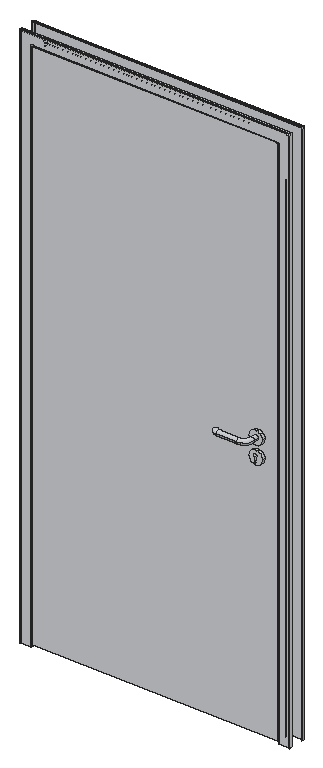
Revit family "BOS-Leibungszarge-Planar-TEud-STW_Familie", category Türen, Revit 2017
Family settings
  Basisbauteil = Wand
  Immer vertikal = Ja
  Beim Laden mit Abzugskörper schneiden = Nein
  Gemeinsam genutzt = Nein
  Raumberechnungspunkt = Ja
Parameters (values of type "Stumpf einschlagendes Türblatt (verdeckt liegendes Band)")
  Wandstärke   Wall Thickness [instance] = 200 mm
  Wandstärke [instance] = if(Wandstärke   Wall Thickness < Wandstärke min., Wandstärke min., Wandstärke   Wall Thickness)  # 200 mm
  VX Bänder stumpf DIN rechts [instance] = and(DIN rechts   DIN Right, VX Bänder stumpf)  # no
  VX Bänder stumpf DIN links [instance] = and(DIN links   DIN Left, VX Bänder stumpf)  # no
  VX Bänder stumpf = [TEsd (Bandrolle sichtbar)]  # no
  VX Bänder gefälzt DIN rechts [instance] = and(DIN rechts   DIN Right, VX Bänder gefälzt)  # no
  VX Bänder gefälzt DIN links [instance] = and(DIN links   DIN Left, VX Bänder gefälzt)  # no
  VX Bänder gefälzt = TEud  # no
  URL = "www.BestOfSteel.de/stahlzargen/sonderzargen-fuer-drehfluegeltueren/leibungszargen-planar/"
  Türblattstärke 3 = 25 mm  # constant formula
  Türblattstärke 2 = if(TEud, 25.5 mm, 40 mm)  # 40 mm
  Türblattstärke 1 = if(TEud, 14.5 mm, 0 mm)  # 0 mm
  Türblattstärke [instance] = Türblattstärke 1 + Türblattstärke 2 + Türblattstärke 3  # 65 mm
  Türblattversatz = 67.5 mm  # constant formula
  Theoretisches Rohbaumaß Höhe   Theoretical Wall Opening Height Measurement [instance] = FMH Falzmaß Höhe + Einfügepunkt  # 2180 mm
  Theoretisches Rohbaumaß Breite   Theoretical Wall Opening Width Measurement [instance] = FMB Falzmaß Breite + (2 * Einfügepunkt)  # 1110 mm
  Tectus Bänder DIN rechts [instance] = and(DIN rechts   DIN Right, Tectus Bänder)  # no
  Tectus Bänder DIN links [instance] = and(DIN links   DIN Left, Tectus Bänder)  # yes
  Tectusbänderabstand = 40 mm  # constant formula
  Tectus Bänder = [TEsd (versteckt liegendes Band)]  # yes
  TEud = no
  TEsd (versteckt liegendes Band) = yes
  TEsd (Bandrolle sichtbar) = no
  Spiegel vorne   Architrave Front [instance] = if(not(Tectus Bänder), 40 mm, 45 mm)  # 45 mm
  Spiegel vorne [instance] = Spiegel vorne   Architrave Front  # 45 mm
  Spiegel hinten   Architrave Back [instance] = 60 mm
  Spiegel hinten [instance] = if(Spiegel hinten   Architrave Back < 30 mm, 30 mm, if(Spiegel hinten   Architrave Back > 60 mm, 60 mm, Spiegel hinten   Architrave Back))  # 60 mm
  Rough Height = 0 mm  # constant formula
  Rough Width = 0 mm  # constant formula
  Rechtliche Hinweise [instance] = "www.BestOfSteel.de/tools-downloads/bim-building-information-modeling/"
  Putzwinkel vorne = 10 mm  # constant formula
  Putzwinkel hinten = 10 mm  # constant formula
  Profilverschiebung = 27 mm  # constant formula
  Modell = "TEsd"
  Material - Zarge = none
  Material - Türblatt = none
  Material - Drückergarnitur = none
  Material - Dichtung = none
  Material - Bänder = none
  Material = "grundiert, feuerverzinktes Feinblech nach DIN EN 10143"
  MW Maulweite   Receiving Opening [instance] = if(TEud, 31.5 mm, 49.5 mm)  # 49.5 mm
  Information in English = no
  Height [instance] = Theoretisches Rohbaumaß Höhe   Theoretical Wall Opening Height Measurement  # 2180 mm
  Hersteller = "BOS GmbH Best Of Steel, Lütkenfelde 4, D-48282 Emsdetten"
  Wandstärke min. = 125 mm  # constant formula
  GT Gesamttiefe_Zarge   Total Profile Depth [instance] = MW Maulweite   Receiving Opening + Putzwinkel vorne + Putzwinkel hinten  # 69.5 mm
  MW Fehler [instance] = Wandstärke   Wall Thickness < Wandstärke min.  # no
  Funktion = Innen
  Falztiefe = if(TEud, 28.5 mm, 46.5 mm)  # 46.5 mm
  Falzaufschlag = 15 mm  # constant formula
  FMH min. = 1608 mm  # constant formula
  FMH max. = 2858 mm  # constant formula
  FMH Falzmaß_Höhe   Rebate Height Measurement [instance] = 2108 mm
  FMH Falzmaß Höhe [instance] = if(FMH Falzmaß_Höhe   Rebate Height Measurement < FMH min., FMH min., if(FMH Falzmaß_Höhe   Rebate Height Measurement > FMH max., FMH max., FMH Falzmaß_Höhe   Rebate Height Measurement))  # 2108 mm
  FMB min. = 591 mm  # constant formula
  FMB max. = 1341 mm  # constant formula
  FMB Falzmaß_Breite   Rebate Width Measurement [instance] = 966 mm
  FMB Falzmaß Breite [instance] = if(FMB Falzmaß_Breite   Rebate Width Measurement < FMB min., FMB min., if(FMB Falzmaß_Breite   Rebate Width Measurement > FMB max., FMB max., FMB Falzmaß_Breite   Rebate Width Measurement))  # 966 mm
  Einfügepunkt [instance] = Spiegel vorne + Profilverschiebung  # 72 mm
  Drückerhöhe   Handle Height [instance] = 1050 mm
  Drückerhöhe [instance] = if(Drückerhöhe   Handle Height < 850 mm, 850 mm, if(Drückerhöhe   Handle Height > 1050 mm, 1050 mm, Drückerhöhe   Handle Height))  # 1050 mm
  Drückergarnitur DIN rechts [instance] = DIN rechts   DIN Right  # no
  Drückergarnitur DIN links [instance] = DIN links   DIN Left  # yes
  Dicke = 0 mm  # constant formula
  Dichtungsversatz vertikal [instance] = Wandstärke - 13 mm  # 187 mm
  Dichtungsversatz horizontal [instance] = Einfügepunkt  # 72 mm
  DIN rechts   DIN Right [instance] = not(DIN links   DIN Left)  # no
  DIN links oder rechts [instance] = if(DIN links   DIN Left, "DIN links", "DIN rechts")  # "DIN links"
  DIN links   DIN Left [instance] = yes
  Width = 0 mm  # constant formula
  Beschreibung = "Leibungszarge Planar als Eckzarge für Ständerwerk Variante 1, stumpf (verdeckt liegendes Band)"
  Bauelement = "BOS Stahlzarge"
  BOS-Architekten-Beratung = "Tel.: +49 (0) 2572 203-203, Fax -209; E-Mail: architekten@BestOfSteel.de"
  BE max. = 100 mm  # constant formula
  BE Bodeneinstand   Foundation Bedding [instance] = 0 mm
  BE Bodeneinstand [instance] = if(BE Bodeneinstand   Foundation Bedding < 0 mm, 0 mm, if(BE Bodeneinstand   Foundation Bedding > BE max., BE max., BE Bodeneinstand   Foundation Bedding))  # 0 mm
  BBL1 Bandbezugslinie   Hinge Position 1 = 241 mm  # constant formula
  BA Bandabstand   Distance Between Hinges [instance] = if(FMH Falzmaß Höhe < 1546 mm, 935 mm, if(FMH Falzmaß Höhe < 1671 mm, 1060 mm, if(FMH Falzmaß Höhe < 1796 mm, 1185 mm, if(FMH Falzmaß Höhe < 1921 mm, 1310 mm, if(FMH Falzmaß Höhe < 2171 mm, 1435 mm, if(FMH Falzmaß Höhe < 2296 mm, 1685 mm, if(FMH Falzmaß Höhe < 2421 mm, 1810 mm, if(FMH Falzmaß Höhe < 2546 mm, 1935 mm, if(FMH Falzmaß Höhe < 2671 mm, 2060 mm, if(FMH Falzmaß Höhe < 2796 mm, 2185 mm, 2310 mm))))))))))  # 1435 mm
  Allgemeine Informationen zu Stahlzargen = "www.BestOfSteel.de/tools-downloads/info-flyer/"
  Info-Texte sichtbar = yes
Types (3, lengths in mm): name | VX Bänder stumpf DIN links | VX Bänder stumpf | VX Bänder gefälzt DIN links | VX Bänder gefälzt | Türblattstärke 2 | Türblattstärke 1 | Theoretisches Rohbaumaß Höhe   Theoretical Wall Opening Height Measurement | Theoretisches Rohbaumaß Breite   Theoretical Wall Opening Width Measurement | Tectus Bänder DIN links | Tectus Bänder | TEud | TEsd (versteckt liegendes Band) | TEsd (Bandrolle sichtbar) | Spiegel vorne   Architrave Front | Spiegel vorne | Spiegel hinten   Architrave Back | Spiegel hinten | Modell | MW Maulweite   Receiving Opening | Height | GT Gesamttiefe_Zarge   Total Profile Depth | Falztiefe | Einfügepunkt | Dichtungsversatz horizontal | Beschreibung
  Gefälzt einschlagendes Türblatt | no | no | yes | yes | 25.5 | 14.5 | 2175 | 1100 | no | no | yes | no | no | 40 | 40 | 60 | 60 | "TEud" | 31.5 | 2175 | 51.5 | 28.5 | 67 | 67 | "Leibungszarge Planar als Eckzarge für Ständerwerk Variante 1, gefälzt"
  Stumpf einschlagendes Türblatt (Bandrolle sichtbar) | yes | yes | no | no | 40 | 0 | 2175 | 1100 | no | no | no | no | yes | 40 | 40 | 30 | 30 | "TEsd" | 49.5 | 2175 | 69.5 | 46.5 | 67 | 67 | "Leibungszarge Planar als Eckzarge für Ständerwerk Variante 1, stumpf (Bandrolle sichtbar)"
  Stumpf einschlagendes Türblatt (verdeckt liegendes Band) | no | no | no | no | 40 | 0 | 2180 | 1110 | yes | yes | no | yes | no | 45 | 45 | 60 | 60 | "TEsd" | 49.5 | 2180 | 69.5 | 46.5 | 72 | 72 | "Leibungszarge Planar als Eckzarge für Ständerwerk Variante 1, stumpf (verdeckt liegendes Band)"
Reference planes
  plane 1 "Wand": y = 0
  plane 2 "Mitte (Links/rechts)": x = 125
  plane 3 "Hinten": y = 100
  plane 4 "Vorne": y = -100
  plane 5 "Links": x = -430
  plane 6 "Rechts": x = 680
  plane 7 "RNH": z = 2180
  plane 8 "BBL1": z = 1867
  plane 9 "Drückerhöhe": z = 1050
  plane 10 "BBL2": z = 432
  plane 11 "BE": z = 0
  plane 12: z = 2108
  plane 13: z = -100
Forms (mm)
  Sweep 1, solid, material <- "Material - Zarge", detail levels medium+fine
    path origin (0, -100, 0) x (-1, 0, 0) y (0, 0, 1)
      loop
        line (430, 0) -> (430, 2180) -> (-680, 2180) -> (-680, 0)
    profile "BOS-TEud-TEsd_Profil : BOS-TEud-TEsd_Profil" origin (-430, -100, 1090) x (1, 0, 0) y (0, 1, 0)
      loop
        line (85.5, 197.5) -> (85.5, 179.75)
        arc (85.5, 179.75) -> (84.135, 178.505) -> (83.021, 179.979) r 1.25
        line (83.021, 179.979) -> (83.949, 184.949)
        arc (83.949, 184.949) -> (83.308, 187.417) -> (81, 188.5) r 3
        line (81, 188.5) -> (73, 188.5)
        arc (73, 188.5) -> (71.232, 187.768) -> (70.5, 186) r 2.5
        line (70.5, 186) -> (70.5, 133)
        arc (70.5, 133) -> (70.207, 132.293) -> (69.5, 132) r 1
        line (69.5, 132) -> (29.5, 132)
        arc (29.5, 132) -> (28.793, 132.293) -> (28.5, 133) r 1
        line (28.5, 133) -> (28.5, 140.5) -> (27, 140.5) -> (27, 133)
        arc (27, 133) -> (27.732, 131.232) -> (29.5, 130.5) r 2.5
        line (29.5, 130.5) -> (69.5, 130.5)
        arc (69.5, 130.5) -> (71.268, 131.232) -> (72, 133) r 2.5
        line (72, 133) -> (72, 186)
        arc (72, 186) -> (72.293, 186.707) -> (73, 187) r 1
        line (73, 187) -> (81, 187)
        arc (81, 187) -> (82.154, 186.458) -> (82.475, 185.225) r 1.5
        line (82.475, 185.225) -> (81.547, 180.255)
        arc (81.547, 180.255) -> (83.996, 177.012) -> (87, 179.75) r 2.75
        line (87, 179.75) -> (87, 197.5)
        arc (87, 197.5) -> (86.268, 199.268) -> (84.5, 200) r 2.5
        line (84.5, 200) -> (29.5, 200)
        arc (29.5, 200) -> (27.732, 199.268) -> (27, 197.5) r 2.5
        line (27, 197.5) -> (27, 190) -> (28.5, 190) -> (28.5, 197.5)
        arc (28.5, 197.5) -> (28.793, 198.207) -> (29.5, 198.5) r 1
        line (29.5, 198.5) -> (84.5, 198.5)
        arc (84.5, 198.5) -> (85.207, 198.207) -> (85.5, 197.5) r 1
  Sweep 2, solid, material <- "Material - Dichtung", detail levels fine
    path origin (0, -100, 0) x (-1, 0, 0) y (0, 0, 1)
      loop
        line (430, 0) -> (430, 2180) -> (-680, 2180) -> (-680, 0)
    profile "BOS-Dichtung-mit-Versatz_Profil : BOS-Dichtung-mit-Versatz_Profil" origin (-430, -100, 1090) x (1, 0, 0) y (0, 1, 0)
      loop
        arc (74.601, 185.763) -> (74.248, 185.616) -> (74.102, 185.263) r 0.5
        line (74.102, 185.263) -> (74.102, 181.134)
        arc (74.102, 181.134) -> (74.243, 180.754) -> (74.599, 180.557) r 0.584
        line (74.599, 180.557) -> (79.702, 179.78)
        arc (79.702, 179.78) -> (80.08, 179.892) -> (80.234, 180.254) r 0.462
        line (80.234, 180.254) -> (80.069, 184.492)
        arc (80.069, 184.492) -> (79.918, 184.903) -> (79.556, 185.15) r 0.716
        arc (79.556, 185.15) -> (77.104, 185.66) -> (74.601, 185.763) r 15.257
      loop
        arc (74.671, 179.457) -> (74.274, 179.338) -> (74.102, 178.96) r 0.501
        line (74.102, 178.96) -> (74.102, 176.065)
        arc (74.102, 176.065) -> (74.227, 175.651) -> (74.561, 175.374) r 0.75
        line (74.561, 175.374) -> (81.159, 173.5)
        arc (81.159, 173.5) -> (81.738, 173.426) -> (82.314, 173.526) r 1.962
        arc (82.314, 173.526) -> (83.596, 174.254) -> (84.503, 175.416) r 3.79
        arc (84.503, 175.416) -> (84.466, 175.789) -> (84.114, 175.916) r 0.351
        arc (84.114, 175.916) -> (81.731, 176.318) -> (80.301, 178.267) r 3.215
        arc (80.301, 178.267) -> (80.101, 178.597) -> (79.751, 178.759) r 0.66
        line (79.751, 178.759) -> (74.671, 179.457)
      loop
        arc (81.885, 185.192) -> (78.361, 186.549) -> (74.611, 187) r 15.273
        arc (74.611, 187) -> (73.229, 186.741) -> (72, 186.058) r 4.388
        arc (72, 186.058) -> (71.874, 185.698) -> (72.203, 185.505) r 0.3
        line (72.203, 185.505) -> (73.052, 185.679) -> (73.052, 180.712) -> (72.253, 180.089)
        arc (72.253, 180.089) -> (72.158, 179.698) -> (72.517, 179.517) r 0.324
        arc (72.517, 179.517) -> (72.888, 179.425) -> (73.052, 179.08) r 0.446
        line (73.052, 179.08) -> (73.052, 175.838) -> (72.255, 175.075)
        arc (72.255, 175.075) -> (72.205, 174.709) -> (72.55, 174.577) r 0.297
        arc (72.55, 174.577) -> (73.217, 174.694) -> (73.892, 174.637) r 2.63
        line (73.892, 174.637) -> (81.198, 172.549)
        arc (81.198, 172.549) -> (81.621, 172.508) -> (82.045, 172.524) r 3.219
        arc (82.045, 172.524) -> (84.714, 174.031) -> (86.033, 176.798) r 5.088
        arc (86.033, 176.798) -> (85.874, 177.208) -> (85.442, 177.288) r 0.451
        line (85.442, 177.288) -> (84.151, 176.852)
        arc (84.151, 176.852) -> (82.406, 177.22) -> (81.336, 178.647) r 2.533
        line (81.336, 178.647) -> (81.088, 184.069)
        arc (81.088, 184.069) -> (81.253, 184.464) -> (81.663, 184.587) r 0.501
        arc (81.663, 184.587) -> (82.021, 184.799) -> (81.885, 185.192) r 0.329
  Sweep 3, void
    path origin (0, -100, 0) x (-1, 0, 0) y (0, 0, 1)
      loop
        line (430, 0) -> (430, 2180) -> (-125, 2180)
    profile origin (-430, -100, 1090) x (1, 0, 0) y (0, 1, 0)
      loop
        line (555, 200) -> (22, 200)
        arc (22, 200) -> (24.741, 199.287) -> (27.566, 199.084) r 15.539
        arc (27.566, 199.084) -> (27.146, 198.341) -> (27, 197.5) r 2.5
        line (27, 197.5) -> (27, 187.5) -> (65, 187.5) -> (65, 175) -> (0, 175) -> (0, 140.5) -> (27, 140.5) -> (27, 133)
        arc (27, 133) -> (27.146, 132.159) -> (27.566, 131.416) r 2.5
        arc (27.566, 131.416) -> (24.652, 131.754) -> (22, 130.5) r 5.336
        line (22, 130.5) -> (22, 0) -> (555, 0) -> (555, 200)
  Sweep 4, void
    path origin (0, -100, 0) x (-1, 0, 0) y (0, 0, 1)
      loop
        line (-680, 0) -> (-680, 2180) -> (-125, 2180)
    profile origin (680, -100, 1090) x (1, 0, 0) y (0, 1, 0)
      loop
        line (-555, 200) -> (-555, 0) -> (-22, 0) -> (-22, 130.5)
        arc (-22, 130.5) -> (-24.652, 131.754) -> (-27.566, 131.416) r 5.336
        arc (-27.566, 131.416) -> (-27.146, 132.159) -> (-27, 133) r 2.5
        line (-27, 133) -> (-27, 140.5) -> (0, 140.5) -> (0, 175) -> (-65, 175) -> (-65, 187.5) -> (-27, 187.5) -> (-27, 197.5)
        arc (-27, 197.5) -> (-27.146, 198.341) -> (-27.566, 199.084) r 2.5
        arc (-27.566, 199.084) -> (-24.741, 199.287) -> (-22, 200) r 15.539
        line (-22, 200) -> (-555, 200)
Lines and regions (mm)
  model lines, style "DoorsHiddenLines", visible <- "DIN links   DIN Left"
    curve 1: arc (675, -100, 0) -> (351.353, -881.353, 0) -> (-430, -1205, 0) r 1105
  model lines, visible <- "DIN links   DIN Left"
    curve 2: line (-430, -100, 0) -> (-430, -1205, 0)
  model lines, style "DoorsHiddenLines", visible <- "DIN rechts   DIN Right"
    curve 3: arc (-430, -100, 0) -> (-106.353, -881.353, 0) -> (675, -1205, 0) r 1105
  model lines, visible <- "DIN rechts   DIN Right"
    curve 4: line (675, -100, 0) -> (675, -1205, 0)
  reference lines
    curve 5: line (65, 650, 0) -> (185, 650, 0)
    curve 6: line (65, -650, 0) -> (185, -650, 0)
    curve 7: line (1175, 100, 0) -> (1175, -100, 0)
Text (mm)
  text "Außen     " at (-1696.17, 830.944, 0), in view "Ref.-Ebene"
  text "Außen" at (0, 1409.804, 2854.306), in view "Links"
  text "Placement side" at (0, 499.811, 2980.732), in view "Rechts"
Dimensions and locks
  locked: plane 3 "Hinten" to host wall
  locked: host wall to plane 4 "Vorne" at 0
  equal spacing: plane 5 "Links", plane 2 "Mitte (Links/rechts)", plane 6 "Rechts"
  "Theoretisches Rohbaumaß Breite   Theoretical Wall Opening Width Measurement": plane 5 "Links" to plane 6 "Rechts"
  "Drückerhöhe": level to plane 9 "Drückerhöhe"
  "BE Bodeneinstand": plane 11 "BE" to level
  "Wandstärke   Wall Thickness": host wall to host wall
  "BBL1 Bandbezugslinie   Hinge Position 1": plane 12 to plane 8 "BBL1"
  "BA Bandabstand   Distance Between Hinges": plane 8 "BBL1" to plane 10 "BBL2"
  "Theoretisches Rohbaumaß Höhe   Theoretical Wall Opening Height Measurement": plane 7 "RNH" to level
  "FMH Falzmaß Höhe": plane 12 to level
  curve 4 to curve 7 = 500 mm
  curve 6 to plane 4 "Vorne" to plane 3 "Hinten" to curve 5 = 550 mm, 200 mm, 550 mm
  "FMB Falzmaß Breite": Sweep 1 to Sweep 1
  "BE max.": level to plane 13
  aligned and locked: plane 1 "Wand" to host wall
  aligned and locked: plane 5 "Links" to curve 1
  aligned and locked: plane 2 "Mitte (Links/rechts)" to nested 1
  aligned and locked: nested 2 to nested 1
  aligned and locked: plane 9 "Drückerhöhe" to nested 3
  aligned and locked: nested 4 to plane 9 "Drückerhöhe"
  aligned and locked: nested 5 to plane 9 "Drückerhöhe"
  aligned and locked: plane 9 "Drückerhöhe" to nested 2
  aligned and locked: nested 1 to nested 3
  aligned and locked: nested 5 to nested 1  (x2)
  aligned and locked: nested 4 to nested 1
  aligned and locked: nested 3 to nested 1
  aligned and locked: nested 1 to nested 2
  aligned and locked: nested 1 to nested 4
  aligned and locked: plane 6 "Rechts" to nested 6
  aligned and locked: nested 9 to plane 10 "BBL2"
  aligned and locked: plane 8 "BBL1" to nested 8
  aligned and locked: plane 10 "BBL2" to nested 11
  aligned and locked: nested 10 to plane 8 "BBL1"
  aligned and locked: nested 12 to plane 10 "BBL2"
  aligned and locked: plane 8 "BBL1" to nested 13
  aligned and locked: plane 10 "BBL2" to nested 15
  aligned and locked: nested 14 to plane 8 "BBL1"
  aligned and locked: nested 1 to nested 12
  aligned and locked: nested 1 to nested 13
  aligned and locked: nested 1 to nested 14
  aligned and locked: nested 1 to nested 15
  aligned and locked: nested 16 to plane 10 "BBL2"
  aligned and locked: plane 8 "BBL1" to nested 17
  aligned and locked: plane 10 "BBL2" to nested 18
  aligned and locked: nested 19 to plane 8 "BBL1"
  aligned and locked: nested 16 to nested 8
  aligned and locked: nested 17 to nested 8
  aligned and locked: nested 18 to nested 10
  aligned and locked: nested 19 to nested 10
  aligned and locked: plane 9 "Drückerhöhe" to nested 6
  aligned and locked: plane 2 "Mitte (Links/rechts)" to nested 22
  aligned and locked: curve 5 to nested 22
  aligned and locked: host wall to nested 20
  aligned and locked: nested 20 to curve 7
  aligned and locked: plane 2 "Mitte (Links/rechts)" to nested 21
  aligned and locked: curve 6 to nested 21
  aligned and locked: Sweep 1 to nested 1
  aligned and locked: nested 13 to Sweep 1
  aligned and locked: nested 12 to Sweep 1
  aligned and locked: nested 17 to Sweep 1
  aligned and locked: nested 16 to Sweep 1
  aligned and locked: Sweep 1 to nested 14
  aligned and locked: Sweep 1 to nested 15
  aligned and locked: Sweep 1 to nested 19
  aligned and locked: Sweep 1 to nested 18
  aligned and locked: nested 23 to plane 4 "Vorne"
  aligned and locked: plane 5 "Links" to nested 23
  aligned and locked: plane 6 "Rechts" to nested 24
  aligned and locked: plane 4 "Vorne" to nested 24
  aligned and locked: nested 24 to plane 4 "Vorne"
  aligned and locked: nested 23 to nested 7
  aligned and locked: nested 7 to nested 23
  aligned and locked: Sweep 3 sketch curve to plane 2 "Mitte (Links/rechts)"
  aligned and locked: plane 4 "Vorne" to Sweep 3 sketch curve
  aligned and locked: Sweep 3 sketch curve to nested 23  (x3)
  aligned and locked: nested 23 to Sweep 3 sketch curve  (x4)
  aligned and locked: Sweep 3 sketch curve to Sweep 1  (x2)
  aligned and locked: Sweep 4 sketch curve to plane 2 "Mitte (Links/rechts)"
  aligned and locked: Sweep 4 sketch curve to nested 24  (x5)
  aligned and locked: nested 24 to Sweep 4 sketch curve  (x3)
  aligned and locked: Sweep 4 sketch curve to Sweep 1  (x3)
  aligned and locked: nested 17 to nested 1
  aligned and locked: nested 16 to nested 1
  aligned and locked: nested 1 to nested 19
  aligned and locked: nested 1 to nested 18
  aligned and locked: Sweep 1 to nested 10  (x3)
  aligned and locked: nested 6 to nested 24
  aligned and locked: nested 8 to Sweep 1  (x5)
  aligned and locked: Sweep 1 to nested 11  (x3)
  aligned and locked: nested 10 to Sweep 1
  aligned and locked: nested 11 to Sweep 1
  aligned and locked: Sweep 1 to nested 8
  aligned and locked: Sweep 1 to nested 9
  aligned and locked: nested 9 to Sweep 1  (x3)
Automatic sketch dimensions
  Sweep 1 sketch curve to plane 6 "Rechts" = 0 mm
  Sweep 1 sketch curve to plane 5 "Links" = 0 mm
  Sweep 1 sketch curve to plane 11 "BE" = 0 mm  (x2)
  Sweep 1 sketch curve to plane 7 "RNH" = 0 mm
  Sweep 2 sketch curve to plane 6 "Rechts" = 0 mm
  Sweep 2 sketch curve to plane 5 "Links" = 0 mm
  Sweep 2 sketch curve to level = 0 mm  (x2)
  Sweep 2 sketch curve to plane 7 "RNH" = 0 mm
  host wall to curve 1 = 0 mm
  host wall to curve 7 = 0 mm
  curve 7 to host wall = 0 mm
  curve 6 to plane 2 "Mitte (Links/rechts)" = 60 mm
  curve 5 to plane 2 "Mitte (Links/rechts)" = 60 mm
  plane 2 "Mitte (Links/rechts)" to curve 6 = 60 mm
  plane 2 "Mitte (Links/rechts)" to curve 5 = 60 mm
  plane 6 "Rechts" to curve 7 = 495 mm
  Sweep 3 sketch curve to plane 2 "Mitte (Links/rechts)" = 0 mm
  Sweep 3 sketch curve to plane 5 "Links" = 0 mm
  Sweep 3 sketch curve to level = 0 mm
  Sweep 3 sketch curve to plane 7 "RNH" = 0 mm
  Sweep 4 sketch curve to plane 6 "Rechts" = 0 mm
  Sweep 4 sketch curve to plane 2 "Mitte (Links/rechts)" = 0 mm
  Sweep 4 sketch curve to level = 0 mm
  Sweep 4 sketch curve to plane 7 "RNH" = 0 mm
  Sweep 3 sketch curve to profile plane = 0 mm
  Sweep 3 sketch curve to Sweep 3 sketch curve = 5 mm
  Sweep 3 sketch curve to Sweep 3 sketch curve = 5.264 mm
  Sweep 3 sketch curve to Sweep 3 sketch curve = 14.62 mm
  Sweep 4 sketch curve to profile plane = 0 mm
  host wall to curve 3 = 0 mm
Nested families
  nested 1: "BOS-Türblatt_Modell" at (125, 32.5, 0), type "BOS-Türblatt_Modell", detail levels medium+fine
    with Türblattversatz 67.5 mm, Türblattstärke TB2 40 mm, Türblattstärke TB1 0 mm
  nested 2: "BOS-Drückergarnitur_Modell" at (527.5, 97.5, 1050) x (-1, 0, 0) z (0, 0, 1), visible <- "Drückergarnitur DIN links", type "BOS-Drückergarnitur_Modell", detail levels fine
  nested 3: "BOS-Drückergarnitur_Modell" at (-277.5, 32.5, 1050), visible <- "Drückergarnitur DIN rechts", type "BOS-Drückergarnitur_Modell", detail levels fine
  nested 4: "BOS-Drückergarnitur_Modell" at (-277.5, 97.5, 1050), visible <- "Drückergarnitur DIN rechts", type "BOS-Drückergarnitur_Modell", detail levels fine
  nested 5: "BOS-Drückergarnitur_Modell" at (527.5, 32.5, 1050) x (-1, 0, 0) z (0, 0, 1), visible <- "Drückergarnitur DIN links", type "BOS-Drückergarnitur_Modell", detail levels fine
  nested 6: "BOS-BOS_Modell" at (680, 40.5, 1050), type "BOS-BOS_Modell", not visible
    with Abstand 72 mm
  nested 7: "BOS-Logo_Modell" at (-393.5, 73, 0), type "BOS-Logo_Modell", detail levels fine
  nested 8: "BOS-Band-Tectus_Modell" at (-354.5, 60, 1867), visible <- "Tectus Bänder DIN links", type "BOS-Band-Tectus_Modell", detail levels fine
    with Tectusabstand 40 mm
  nested 9: "BOS-Band-Tectus_Modell" at (-354.5, 60, 432), visible <- "Tectus Bänder DIN links", type "BOS-Band-Tectus_Modell", detail levels fine
    with Tectusabstand 40 mm
  nested 10: "BOS-Band-Tectus_Modell" at (604.5, 60, 1867) x (-1, 0, 0) z (0, 0, 1), visible <- "Tectus Bänder DIN rechts", type "BOS-Band-Tectus_Modell", detail levels fine
    with Tectusabstand 40 mm
  nested 11: "BOS-Band-Tectus_Modell" at (604.5, 60, 432) x (-1, 0, 0) z (0, 0, 1), visible <- "Tectus Bänder DIN rechts", type "BOS-Band-Tectus_Modell", detail levels fine
    with Tectusabstand 40 mm
  nested 12: "BOS-Band-VX-Gefälzt_Modell" at (-379, 18, 432), visible <- "VX Bänder gefälzt DIN links", type "BOS-Band-VX-Gefälzt_Modell", detail levels fine
  nested 13: "BOS-Band-VX-Gefälzt_Modell" at (-379, 18, 1867), visible <- "VX Bänder gefälzt DIN links", type "BOS-Band-VX-Gefälzt_Modell", detail levels fine
  nested 14: "BOS-Band-VX-Gefälzt_Modell" at (629, 18, 1867) x (-1, 0, 0) z (0, 0, 1), visible <- "VX Bänder gefälzt DIN rechts", type "BOS-Band-VX-Gefälzt_Modell", detail levels fine
  nested 15: "BOS-Band-VX-Gefälzt_Modell" at (629, 18, 432) x (-1, 0, 0) z (0, 0, 1), visible <- "VX Bänder gefälzt DIN rechts", type "BOS-Band-VX-Gefälzt_Modell", detail levels fine
  nested 16: "BOS-Band-VX-Stumpf_Modell" at (-361, 17.5, 432), visible <- "VX Bänder stumpf DIN links", type "BOS-Band-VX-Stumpf_Modell", detail levels fine
  nested 17: "BOS-Band-VX-Stumpf_Modell" at (-361, 17.5, 1867), visible <- "VX Bänder stumpf DIN links", type "BOS-Band-VX-Stumpf_Modell", detail levels fine
  nested 18: "BOS-Band-VX-Stumpf_Modell" at (611, 17.5, 432) x (-1, 0, 0) z (0, 0, 1), visible <- "VX Bänder stumpf DIN rechts", type "BOS-Band-VX-Stumpf_Modell", detail levels fine
  nested 19: "BOS-Band-VX-Stumpf_Modell" at (611, 17.5, 1867) x (-1, 0, 0) z (0, 0, 1), visible <- "VX Bänder stumpf DIN rechts", type "BOS-Band-VX-Stumpf_Modell", detail levels fine
  nested 20: "BOS-Info-Texte_Beschriftung" at (1175, -0.955, 0), visible <- "MW Fehler", type "Maulweite Fehlermeldung"
  nested 21: "BOS-Info-Texte_Beschriftung" at (125, -650.955, 0), visible <- "Info-Texte sichtbar", type "Rechtliche Hinweise"
  nested 22: "BOS-Info-Texte_Beschriftung" at (125, 649.045, 0), visible <- "Info-Texte sichtbar", type "Technische Hinweise STW"
  nested 23: "BOS-Sonder-Bügelanker-Planar-Eckzarge-V1-STW_Detail" at (-430, -100, 0), type "BOS-Sonder-Bügelanker-Planar-Eckzarge-V1-STW_Detail", detail levels fine
    with Tectus Bänder yes, Linie horizontal 65 mm
  nested 24: "BOS-Sonder-Bügelanker-Planar-Eckzarge-V1-STW_Detail" at (680, -100, 0) x (-1, 0, 0) z (0, 0, 1), type "BOS-Sonder-Bügelanker-Planar-Eckzarge-V1-STW_Detail", detail levels fine
    with Tectus Bänder yes, Linie horizontal 65 mm
Definition of nested family "BOS-Türblatt_Modell"
  Parameters (values of type "BOS-Türblatt_Modell")
    URL = "www.BestOfSteel.de"
    Türblattversatz = 2 mm
    Türblattaufschlag = 13 mm
    Türblattstärke TB3 = 25 mm
    Türblattstärke TB2 = 25.5 mm
    Türblattstärke TB1 = 14.5 mm
    Türblattstärke = Türblattstärke TB1 + Türblattstärke TB2 + Türblattstärke TB3  # 65 mm
    Türblattextrusionsende = FMH Zargen Falzmaß Höhe + 9.5 mm  # 2117.5 mm
    Türblattextrusionsbeginn = 7.5 mm
    Material - Türblatt = none
    FMH Zargen Falzmaß Höhe = 2108 mm
    FMB Zargen Falzmaß Breite = 966 mm
    Keynote = "BOS Türblatt"
    TAB3 Türblatt Außenmass Breite Türblatt 3 = TAB2 Türblatt Außenmass Breite Türblatt 2 - 2 * Falzaufschlag  # 929 mm
    TAB Türblatt Außenmass Breite = FMB Zargen Falzmaß Breite + 2 * 9.5 mm  # 985 mm
    TAB2 Türblatt Außenmass Breite Türblatt 2 = TAB Türblatt Außenmass Breite - 2 * Türblattaufschlag  # 959 mm
    Falzaufschlag = 15 mm
  Reference planes
    plane 1 "Mitte (Vorne/hinten)": y = 0
    plane 2: z = 0
    plane 3 "Mitte (Links/rechts)": x = 0
    plane 4: z = 2117.5
    plane 5: x = -492.5
    plane 6: x = 492.5
    plane 7: z = 7.5
    plane 8 "hinten": y = 2
    plane 9 "vorne": y = -2
  Forms (mm)
    Extrusion 1, solid, material <- "Material - Türblatt"
      sketch origin (0, 0, 0) x (1, 0, 0) y (0, 1, 0)
        loop
          line (-492.5, 65) -> (-492.5, 0) -> (492.5, 0) -> (492.5, 65) -> (-492.5, 65)
      from 7.5 <- "Türblattextrusionsbeginn" to 2117.5 <- "Türblattextrusionsende"
    Sweep 2, void
      path origin (-2.283, 0, 0) x (1, 0, 0) y (0, 0, 1)
        loop
          line (-490.217, 7.5) -> (-490.217, 2117.5) -> (494.783, 2117.5) -> (494.783, 7.5)
      profile origin (-492.5, 0, 1062.5) x (-1, 0, 0) y (0, -1, 0)
        loop
          line (0, -65) -> (0, -14.5) -> (-13, -14.5) -> (-13, -40) -> (-28, -40) -> (-28, -65) -> (0, -65)
  Cuts and joins
    Sweep 2 cuts Extrusion 1
  Dimensions and locks
    equal spacing: Extrusion 1 sketch curve, plane 3 "Mitte (Links/rechts)", Extrusion 1 sketch curve
    "TAB Türblatt Außenmass Breite": Extrusion 1 sketch curve to Extrusion 1 sketch curve
    "Türblattstärke": Extrusion 1 sketch curve to Extrusion 1 sketch curve
    "TAB Türblatt Außenmass Breite": plane 6 to plane 5
    equal spacing: plane 6, plane 3 "Mitte (Links/rechts)", plane 5
    "Türblattextrusionsende": plane 4 to level
    "Türblattextrusionsbeginn": plane 7 to level
    Sweep 2 sketch curve to Sweep 2 sketch curve = 25 mm
    "Türblattstärke TB2": Sweep 2 sketch curve to Sweep 2 sketch curve
    "Türblattaufschlag": cut or joined group of Extrusion 1, Sweep 2 to Sweep 2 sketch curve
    "Falzaufschlag": Sweep 2 sketch curve to Sweep 2 sketch curve
    "Türblattversatz": plane 9 "vorne" to plane 1 "Mitte (Vorne/hinten)"
    "Türblattstärke TB1": Sweep 2 sketch curve to plane 1 "Mitte (Vorne/hinten)"
    equal spacing: plane 8 "hinten", plane 1 "Mitte (Vorne/hinten)", plane 9 "vorne"
    aligned and locked: level to plane 2
  Automatic sketch dimensions
    plane 1 "Mitte (Vorne/hinten)" to Extrusion 1 sketch curve = 0 mm
    Sweep 2 sketch curve to plane 4 = 0 mm
    Sweep 2 sketch curve to plane 5 = 0 mm
    Sweep 2 sketch curve to plane 6 = 0 mm
    Sweep 2 sketch curve to plane 7 = 0 mm  (x2)
    Sweep 2 sketch curve to profile plane = 0 mm
Definition of nested family "BOS-Drückergarnitur_Modell"
  Parameters (values of type "BOS-Drückergarnitur_Modell")
    URL = "www.BestOfSteel.de"
    Material - Drückergarnitur = none
    Keynote = "BOS Drückergarnitur"
  Reference planes
    plane 1 "Mitte (Vorne/hinten)": y = 0
    plane 2 "Drückerhöhe": z = 0
    plane 3 "Mitte (Links/rechts)": x = 0
    plane 4 "Türblattende gefälzt": x = -90
  Forms (mm)
    Sweep 1, solid, material <- "Material - Drückergarnitur"
      path origin (0, 0, 0) x (1, 0, 0) y (0, 1, 0)
        loop
          line (0, 0) -> (0, -10)
      profile origin (0, -5, 0) x (1, 0, 0) y (0, 0, 1)
        loop
          circle (0, 0) r 26
    Sweep 2, solid, material <- "Material - Drückergarnitur"
      path origin (0, 0, 0) x (1, 0, 0) y (0, 1, 0)
        loop
          line (0, -10) -> (0, -30.336)
          arc (0, -30.336) -> (8.201, -50.135) -> (28, -58.336) r 28
          line (28, -58.336) -> (108.063, -58.336)
          arc (108.063, -58.336) -> (116.614, -56.829) -> (124.133, -52.487) r 25
      profile origin (0, -20.168, 0) x (1, 0, 0) y (0, 0, 1)
        loop
          circle (0, 0) r 9
    Sweep 3, solid, material <- "Material - Drückergarnitur"
      path origin (0, 0, -70) x (1, 0, 0) y (0, 1, 0)
        loop
          line (0, 0) -> (0, -10)
      profile origin (0, -5, -70) x (1, 0, 0) y (0, 0, 1)
        loop
          circle (0, 0) r 26
        loop
          arc (-4.3, -12.6) -> (0, -16.9) -> (4.3, -12.6) r 4.3
          line (4.3, -12.6) -> (4.3, 0)
          arc (4.3, 0) -> (7.07, 8.305) -> (0, 13.47) r 7.421
          arc (0, 13.47) -> (-7.07, 8.305) -> (-4.3, 0) r 7.421
          line (-4.3, 0) -> (-4.3, -12.6)
  Dimensions and locks
    plane 2 "Drückerhöhe" to Sweep 3 = 70 mm
    aligned and locked: plane 1 "Mitte (Vorne/hinten)" to Sweep 3
  Automatic sketch dimensions
    Sweep 1 sketch curve to plane 3 "Mitte (Links/rechts)" = 0 mm
    plane 1 "Mitte (Vorne/hinten)" to Sweep 1 sketch curve = 0 mm
    plane 1 "Mitte (Vorne/hinten)" to Sweep 1 sketch curve = 10 mm
    level to Sweep 1 sketch curve = 0 mm
    profile plane to Sweep 1 sketch curve = 0 mm
    Sweep 2 sketch curve to plane 3 "Mitte (Links/rechts)" = 0 mm
    plane 3 "Mitte (Links/rechts)" to Sweep 2 sketch curve = 28 mm
    plane 1 "Mitte (Vorne/hinten)" to Sweep 2 sketch curve = 33.336 mm
    Sweep 2 sketch curve to Sweep 2 sketch curve = 80.063 mm
    plane 1 "Mitte (Vorne/hinten)" to Sweep 2 sketch curve = 58.336 mm
    Sweep 2 sketch curve to Sweep 2 sketch curve = 16.07 mm
    plane 1 "Mitte (Vorne/hinten)" to Sweep 2 sketch curve = 10 mm
    level to Sweep 2 sketch curve = 0 mm
    profile plane to Sweep 2 sketch curve = 0 mm
    Sweep 3 sketch curve to plane 3 "Mitte (Links/rechts)" = 0 mm
    plane 1 "Mitte (Vorne/hinten)" to Sweep 3 sketch curve = 0 mm
    plane 1 "Mitte (Vorne/hinten)" to Sweep 3 sketch curve = 10 mm
    Sweep 3 sketch curve to Sweep 3 sketch curve = 0 mm  (x2)
    Sweep 3 sketch curve to profile plane = 0 mm  (x2)
    profile plane to Sweep 3 sketch curve = 0 mm  (x3)
    Sweep 3 sketch curve to Sweep 3 sketch curve = 4.3 mm
    Sweep 3 sketch curve to Sweep 3 sketch curve = 12.6 mm
    profile plane to Sweep 3 sketch curve = 6.049 mm
    radius of Sweep 1 sketch curve = 26 mm
    radius of Sweep 2 sketch curve = 9 mm
    radius of Sweep 3 sketch curve = 26 mm
Definition of nested family "BOS-Band-Tectus_Modell"
  Parameters (values of type "BOS-Band-Tectus_Modell")
    URL = "www.BestOfSteel.de"
    Tectusabstand = 15 mm
    Material - Bänder = none
    Description = "stumpf"
    Keynote = "Tectus Band"
  Reference planes
    plane 1 "Mitte (Vorne/hinten)": y = 0
    plane 2: z = 0
    plane 3 "Mitte (Links/rechts)": x = 0
    plane 4: y = 15
    plane 5: y = -15
  Forms (mm)
    Extrusion 1, solid
      sketch origin (0, -30.512, 0) x (1, 0, 0) y (0, 1, 0)
        loop
          line (-3.5, 32.728) -> (-3.5, 23.896)
          arc (-3.5, 23.896) -> (-2.823, 24.396) -> (-2, 24.573) r 2
          line (-2, 24.573) -> (0, 24.573) -> (0, 33.639)
          arc (0, 33.639) -> (-1.778, 33.289) -> (-3.5, 32.728) r 15
      from 13.5 to 23.5
    Extrusion 2, solid
      sketch origin (0, -30.512, 0) x (0, -1, 0) y (1, 0, 0)
        loop
          line (-32.728, -3.5) -> (-23.896, -3.5)
          arc (-23.896, -3.5) -> (-24.396, -2.823) -> (-24.573, -2) r 2
          line (-24.573, -2) -> (-24.573, 0) -> (-33.639, 0)
          arc (-33.639, 0) -> (-33.289, -1.778) -> (-32.728, -3.5) r 15
      from -13.5 to -23.5
    Extrusion 3, solid
      sketch origin (0, -30.512, 0) x (1, 0, 0) y (0, 1, 0)
        loop
          line (-3.5, 37.135) -> (-3.5, 28.915) -> (-1.795, 26.569)
          arc (-1.795, 26.569) -> (-0.989, 25.699) -> (0, 25.043) r 5
          line (0, 25.043) -> (0, 33.723)
          arc (0, 33.723) -> (-1.108, 33.901) -> (-1.946, 34.648) r 2
          line (-1.946, 34.648) -> (-3.5, 37.135)
      from -13 to 13
    Extrusion 4, solid, not visible
      sketch origin (0, 0, 0) x (1, 0, 0) y (0, 1, 0)
        loop
          line (-3.5, 32.728) -> (-3.5, 23.896)
          arc (-3.5, 23.896) -> (-2.823, 24.396) -> (-2, 24.573) r 2
          line (-2, 24.573) -> (0, 24.573) -> (0, 33.639)
          arc (0, 33.639) -> (-1.778, 33.289) -> (-3.5, 32.728) r 15
      from 13.5 to 23.5
    Extrusion 5, solid, not visible
      sketch origin (0, 0, 0) x (0, -1, 0) y (1, 0, 0)
        loop
          line (-32.728, -3.5) -> (-23.896, -3.5)
          arc (-23.896, -3.5) -> (-24.396, -2.823) -> (-24.573, -2) r 2
          line (-24.573, -2) -> (-24.573, 0) -> (-33.639, 0)
          arc (-33.639, 0) -> (-33.289, -1.778) -> (-32.728, -3.5) r 15
      from -13.5 to -23.5
    Extrusion 6, solid, not visible
      sketch origin (0, 0, 0) x (1, 0, 0) y (0, 1, 0)
        loop
          line (-3.5, 37.135) -> (-3.5, 28.915) -> (-1.795, 26.569)
          arc (-1.795, 26.569) -> (-0.989, 25.699) -> (0, 25.043) r 5
          line (0, 25.043) -> (0, 33.723)
          arc (0, 33.723) -> (-1.108, 33.901) -> (-1.946, 34.648) r 2
          line (-1.946, 34.648) -> (-3.5, 37.135)
      from -13 to 13
  Lines and regions (mm)
    reference lines
      curve 1: line (0, 0, 0) -> (-3.5, 0, 0)
    reference lines, not visible
      curve 2: line (0, 30.512, 0) -> (-3.5, 30.512, 0)
  Dimensions and locks
    "Tectusabstand": plane 5 to plane 1 "Mitte (Vorne/hinten)"
    "Tectusabstand": plane 4 to plane 1 "Mitte (Vorne/hinten)"
    aligned and locked: level to plane 2
    aligned and locked: curve 1 to plane 1 "Mitte (Vorne/hinten)"
  Automatic sketch dimensions
    Extrusion 1 sketch curve to Extrusion 1 sketch curve = 1.5 mm
    Extrusion 1 sketch curve to Extrusion 1 sketch curve = 2 mm
    Extrusion 1 sketch curve to Extrusion 1 sketch curve = 4 mm
    Extrusion 1 sketch curve to Extrusion 1 sketch curve = 3.8 mm
    Extrusion 1 sketch curve to Extrusion 1 sketch curve = 1.323 mm
    Extrusion 1 sketch curve to Extrusion 1 sketch curve = 8.155 mm
    Extrusion 2 sketch curve to Extrusion 2 sketch curve = 0.911 mm
    Extrusion 2 sketch curve to Extrusion 2 sketch curve = 8.155 mm
    Extrusion 2 sketch curve to Extrusion 2 sketch curve = 0.677 mm
    Extrusion 2 sketch curve to Extrusion 2 sketch curve = 2 mm  (x2)
    Extrusion 2 sketch curve to Extrusion 2 sketch curve = 3.8 mm
    Extrusion 3 sketch curve to Extrusion 3 sketch curve = 1.554 mm
    Extrusion 3 sketch curve to Extrusion 3 sketch curve = 1.705 mm
    Extrusion 3 sketch curve to Extrusion 3 sketch curve = 1.696 mm
    Extrusion 3 sketch curve to Extrusion 3 sketch curve = 1.795 mm
    Extrusion 3 sketch curve to Extrusion 3 sketch curve = 2.25 mm
    Extrusion 3 sketch curve to Extrusion 3 sketch curve = 1.526 mm
    Extrusion 3 sketch curve to Extrusion 3 sketch curve = 2.347 mm
    Extrusion 3 sketch curve to Extrusion 3 sketch curve = 4.216 mm
    Extrusion 3 sketch curve to Extrusion 3 sketch curve = 0.924 mm
    Extrusion 3 sketch curve to Extrusion 3 sketch curve = 2.487 mm
    Extrusion 4 sketch curve to Extrusion 4 sketch curve = 1.5 mm
    Extrusion 4 sketch curve to Extrusion 4 sketch curve = 2 mm
    Extrusion 4 sketch curve to Extrusion 4 sketch curve = 4 mm
    Extrusion 4 sketch curve to Extrusion 4 sketch curve = 3.8 mm
    Extrusion 4 sketch curve to Extrusion 4 sketch curve = 1.323 mm
    Extrusion 4 sketch curve to Extrusion 4 sketch curve = 8.155 mm
    Extrusion 5 sketch curve to Extrusion 5 sketch curve = 0.911 mm
    Extrusion 5 sketch curve to Extrusion 5 sketch curve = 8.155 mm
    Extrusion 5 sketch curve to Extrusion 5 sketch curve = 0.677 mm
    Extrusion 5 sketch curve to Extrusion 5 sketch curve = 2 mm  (x2)
    Extrusion 5 sketch curve to Extrusion 5 sketch curve = 3.8 mm
    Extrusion 6 sketch curve to Extrusion 6 sketch curve = 1.554 mm
    Extrusion 6 sketch curve to Extrusion 6 sketch curve = 1.705 mm
    Extrusion 6 sketch curve to Extrusion 6 sketch curve = 1.696 mm
    Extrusion 6 sketch curve to Extrusion 6 sketch curve = 1.795 mm
    Extrusion 6 sketch curve to Extrusion 6 sketch curve = 2.25 mm
    Extrusion 6 sketch curve to Extrusion 6 sketch curve = 1.526 mm
    Extrusion 6 sketch curve to Extrusion 6 sketch curve = 2.347 mm
    Extrusion 6 sketch curve to Extrusion 6 sketch curve = 4.216 mm
    Extrusion 6 sketch curve to Extrusion 6 sketch curve = 0.924 mm
    Extrusion 6 sketch curve to Extrusion 6 sketch curve = 2.487 mm
Definition of nested family "BOS-Band-VX-Gefälzt_Modell"
  Parameters (values of type "BOS-Band-VX-Gefälzt_Modell")
    URL = "www.BestOfSteel.de"
    Model = "gefälzt"
    Material - Bänder = none
    Manufacturer = ""
    Keynote = "BOS Band VX"
  Reference planes
    plane 1 "Mitte (Vorne/hinten)": y = 0
    plane 2: z = 0
    plane 3 "Mitte (Links/rechts)": x = 0
  Forms (mm)
    Extrusion 1, solid, material <- "Material - Bänder"
      sketch origin (0, 0, 0) x (1, 0, 0) y (0, 1, 0)
        loop
          circle (0, 0) r 10
      from -47.5 to -23.5
    Extrusion 2, solid, material <- "Material - Bänder"
      sketch origin (0, 0, 0) x (1, 0, 0) y (0, 1, 0)
        loop
          circle (0, 0) r 10
      from -22.5 to 22.5
    Extrusion 3, solid, material <- "Material - Bänder"
      sketch origin (0, 0, 0) x (1, 0, 0) y (0, 1, 0)
        loop
          circle (0, 0) r 10
      from 23.5 to 47.5
    Extrusion 4, solid, material <- "Material - Bänder"
      sketch origin (0, -0.5, 0) x (1, 0, 0) y (0, 1, 0)
        loop
          line (10, 0) -> (10, 13) -> (6.5, 13) -> (6.5, 0) -> (10, 0)
      from -47 to 47
    Extrusion 5, solid, material <- "Material - Bänder"
      sketch origin (0.731, 0, 0) x (1, 0, 0) y (0, 1, 0)
        loop
          line (-0.731, 10) -> (-0.731, 6.5) -> (10.769, 6.5) -> (10.769, 10) -> (-0.731, 10)
      from -47 to 47
  Dimensions and locks
    aligned and locked: level to plane 2
Definition of nested family "BOS-Band-VX-Stumpf_Modell"
  Parameters (values of type "BOS-Band-VX-Stumpf_Modell")
    URL = "www.BestOfSteel.de"
    Material - Bänder = none
    Description = "stumpf"
    Keynote = "BOS Band VX"
  Reference planes
    plane 1 "Mitte (Vorne/hinten)": y = 0
    plane 2: z = 0
    plane 3 "Mitte (Links/rechts)": x = 0
  Forms (mm)
    Extrusion 1, solid, material <- "Material - Bänder"
      sketch origin (0, 0, 0) x (-1, 0, 0) y (0, -1, 0)
        loop
          circle (0, 0) r 10
      from -23.5 to -47.5
    Extrusion 2, solid, material <- "Material - Bänder"
      sketch origin (0, 0, 0) x (-1, 0, 0) y (0, -1, 0)
        loop
          circle (0, 0) r 10
      from -22.5 to 22.5
    Extrusion 3, solid, material <- "Material - Bänder"
      sketch origin (0, 0, 0) x (-1, 0, 0) y (0, -1, 0)
        loop
          circle (0, 0) r 10
      from 23.5 to 47.5
    Extrusion 4, solid, material <- "Material - Bänder"
      sketch origin (0, 1.16, 0) x (-1, 0, 0) y (0, -1, 0)
        loop
          line (-10, 1.16) -> (-10, -13.84) -> (-6.5, -13.84) -> (-6.5, 1.16) -> (-10, 1.16)
      from -47 to 47
    Extrusion 5, solid, material <- "Material - Bänder"
      sketch origin (0, -0.703, 0) x (1, 0, 0) y (0, 1, 0)
        loop
          line (-10, 0.703) -> (-6.5, 0.703) -> (-6.5, 13.703) -> (-10, 13.703) -> (-10, 0.703)
      from -40 to 40
  Dimensions and locks
    aligned and locked: level to plane 2
Definition of nested family "BOS-BOS_Modell"
  Parameters (values of type "BOS-BOS_Modell")
    Abstand = 22 mm
  Reference planes
    plane 1 "Mitte (Vorne/hinten)": y = 0
    plane 2: z = 0
    plane 3 "Mitte (Links/rechts)": x = 0
    plane 4 "BOS": x = -22
  Dimensions and locks
    "Abstand": plane 4 "BOS" to plane 3 "Mitte (Links/rechts)"
    aligned and locked: level to plane 2
    aligned and locked: plane 1 "Mitte (Vorne/hinten)" to text3d elem
    aligned and locked: text3d elem to level
Definition of nested family "BOS-Logo_Modell"
  Parameters (values of type "BOS-Logo_Modell")
    URL = "www.BestOfSteel.de"
    Keynote = "BOS Logo"
  Reference planes
    plane 1 "Mitte (Vorne/hinten)": y = 0
    plane 2: z = 0
    plane 3 "Mitte (Links/rechts)": x = 0
    plane 4: x = -30
    plane 5: y = -20
  Dimensions and locks
    aligned and locked: level to plane 2
Definition of nested family "BOS-Info-Texte_Beschriftung"
  Parameters (values of type "Maulweite Fehlermeldung")
    Info-Text En = "Check the wall thickness!"
    Englisch = no
    Info-Text De = "Wandstärke prüfen!"
    Warndreieck = no
    Fehlerkreis = yes
    Deutsch = not(Englisch)  # yes
    Ausrufezeichen = "!"
  Types (5, lengths in mm): name | Info-Text En | Info-Text De | Warndreieck | Fehlerkreis
    Technische Hinweise MW | "Due to manufacturing reasons this Revit family may not be changed\r\nwithout consulting BOS!\r\n\r\nDo not mirror frames (door list)!\r\nsee ‘Features’: DIN left / DIN right" | "Diese Revit-Familie darf aus fertigungstechnischen Gründen\r\nnicht ohne Rücksprache mit BOS abgeändert werden!\r\n\r\nZargen nicht spiegeln (Türliste)!\r\nsiehe 'Eigenschaften': DIN links / DIN rechts" | no | no
    Rechtliche Hinweise | "In accordance with the protection note according to DIN 34, the ownership and copyrights are reserved!\r\n© 2016 BOS GmbH, Emsdetten, Germany -\r\nObserve the ISO 16016 protective label (see ID data)!\r\n\r\nSubject to technical change!" | "Entsprechend dem Schutzvermerk nach DIN 34 behalten wir uns Eigentum und Urheberrecht vor!\r\n© 2016 BOS GmbH, Emsdetten, Deutschland -\r\nSchutzvermerk ISO 16016 beachten (siehe ID-Daten)!\r\n\r\nTechnische Änderungen vorbehalten!" | no | no
    Maulweite Fehlermeldung | "Check the wall thickness!" | "Wandstärke prüfen!" | no | yes
    Technische Hinweise STW | "Due to manufacturing reasons this Revit family may not be changed\r\nwithout consulting BOS!\r\n\r\nDo not mirror frames (door list)!\r\nsee ‘Features’: DIN left / DIN right\r\n\r\nFor DIN door leaves, select larger structural wall measurements!\r\n\r\nUA-profile (according to DIN 18182) to be provided on-site,\r\naccording to static calculation" | "Diese Revit-Familie darf aus fertigungstechnischen Gründen\r\nnicht ohne Rücksprache mit BOS abgeändert werden!\r\n\r\nZargen nicht spiegeln (Türliste)!\r\nsiehe 'Eigenschaften': DIN links / DIN rechts\r\n\r\nUA-Profil (gem. DIN 18182) bauseits,\r\nnach statischer Berechnung" | no | no
    Rohbaumaß Warnung | "For DIN door leaves, select larger structural wall measurements!" | "Bei DIN-Türblatt Rohbaumaße größer wählen!" | yes | no
  Reference planes
    plane 1: y = 0.955
    plane 2: x = 0
  Lines and regions (mm)
    Filled region 1, type "Gefüllter Bereich Gelb", visible <- "Warndreieck"
      outline origin (-7.188, 1.747, 0) x (1, 0, 0) y (0, 1, 0)
        loop
          line (5.951, -3.033) -> (8.413, -3.033) -> (7.182, -0.9) -> (5.951, -3.033)
    Filled region 2, type "Gefüllter Bereich Rot", visible <- "Fehlerkreis"
      outline origin (0, -3.763, 0) x (1, 0, 0) y (0, 1, 0)
        loop
          circle (0, 3.1) r 1.5
        loop
          line (-0.937, 3.486) -> (-0.937, 2.686) -> (1.023, 2.686) -> (1.023, 3.486) -> (-0.937, 3.486)
    Filled region 3, type "Gefüllter Bereich Weiss", visible <- "Fehlerkreis"
      outline origin (-7.014, -2.062, 0) x (1, 0, 0) y (0, 1, 0)
        loop
          line (6.077, 1.785) -> (6.077, 0.985) -> (8.038, 0.985) -> (8.038, 1.785) -> (6.077, 1.785)
  Text (mm)
    label "Info-Text De" at (0.065, 1.415, 0), shows "Info-Text De", visible <- "Deutsch"
    label "!" at (0.065, -0.414, 0), shows "Ausrufezeichen", visible <- "Warndreieck"
    label "Info-Text En" at (0.065, 1.415, 0), shows "Info-Text En", visible <- "Englisch"
  Dimensions and locks
    aligned and locked: Filled region 3 sketch curve to Filled region 2  (x4)
Definition of nested family "BOS-Sonder-Bügelanker-Planar-Eckzarge-V1-STW_Detail"
  Parameters (values of type "BOS-Sonder-Bügelanker-mit-Unterfütterung_Detail")
    Wandstärke = 200 mm
    URL = "www.BestOfSteel.de"
    Tectus Bänder = no
    Spiegel vorne = 45 mm
    Spiegel hinten = 60 mm
    Putzwinkel vorne = 10 mm
    Linie vertikal = if(Falztiefe = 28.5 mm, 1 mm, 12.5 mm)  # 12.5 mm
    Linie horizontal = if(Falztiefe = 28.5 mm, 6.5 mm, if(Tectus Bänder, 65 mm, 60 mm))  # 60 mm
    Info-Flyer = "www.BestOfSteel.de/fileadmin/media/tools_downloads/info_flyer/"
    Manufacturer = "BOS GmbH Best Of Steel, Lütkenfelde 4, D-48282 Emsdetten"
    Falztiefe = 46.5 mm
    Falzbreite = 15 mm
    Description = "Sonder-Bügelanker mit Unterfütterung"
    Keynote = "BOS Sonder-Bügelanker"
    Ankerlänge = if(Falztiefe = 28.5 mm, 28 mm, 32.5 mm)  # 32.5 mm
  Reference planes
    plane 1: y = 0
    plane 2: z = 0
    plane 3: x = 0
    plane 4: y = 12.5
    plane 5: y = 187.5
    plane 6: y = 200
    plane 7: x = -120
    plane 8: y = 175
    plane 9: y = 25
    plane 10: x = 22
    plane 11: x = 65
    plane 12: x = 6.5
    plane 13: x = 22
    plane 14: x = 9.5
    plane 15: y = 140.5
    plane 16: x = 87
    plane 17: x = 72
    plane 18: y = 27
    plane 19: y = 173
    plane 20: x = 70.5
    plane 21: x = 67.5
    plane 22: x = 60
    plane 23: y = 175
    plane 24: x = 27
    plane 25: x = 27
    plane 26: y = 170
    plane 27: y = 30
    plane 28: y = 177
    plane 29: y = 130.5
    plane 30: x = -50
  Lines and regions (mm)
    detail lines, in view "Ref.-Ebene"
      curve 1: line (-120, 200, 0) -> (22, 200, 0)
      curve 2: line (22, 200, 0) -> (22, 187.5, 0)
      curve 3: line (-120, 12.5, 0) -> (22, 12.5, 0)
      curve 4: line (22, 0, 0) -> (-120, 0, 0)
      curve 5: line (9.5, 12.5, 0) -> (9.5, 140.5, 0)
      curve 6: line (22, 140.5, 0) -> (22, 0, 0)
      curve 7: line (-120, 25, 0) -> (9.5, 25, 0)
      curve 8: line (9.5, 27, 0) -> (6.5, 27, 0)
      curve 9: line (6.5, 27, 0) -> (6.5, 173, 0)
      curve 10: line (67.5, 173, 0) -> (67.5, 140.5, 0)
      curve 11: line (6.5, 173, 0) -> (70.5, 173, 0)
      curve 12: line (70.5, 173, 0) -> (70.5, 140.5, 0)
      curve 13: line (70.5, 140.5, 0) -> (9.5, 140.5, 0)
      curve 14: line (6.5, 170, 0) -> (0, 170, 0)
      curve 15: line (0, 170, 0) -> (0, 30, 0)
      curve 16: line (0, 30, 0) -> (6.5, 30, 0)
      curve 17: line (0, 170, 0) -> (6.5, 30, 0)
      curve 18: line (0, 30, 0) -> (6.5, 170, 0)
      curve 19: arc (22, 200, 0) -> (24.741, 199.287, 0) -> (27.566, 199.084, 0) r 15.539
      curve 20: arc (27.566, 131.416, 0) -> (24.652, 131.754, 0) -> (22, 130.5, 0) r 5.336
      curve 21: arc (22, 190, 0) -> (24.5, 189.761, 0) -> (27, 190, 0) r 13.205
      curve 33: line (65, 187.5, 0) -> (-120, 187.5, 0)
      curve 34: arc (-2, 170, 0) -> (-2.879, 172.121, 0) -> (-5, 173, 0) r 3
      curve 35: arc (-5, 27, 0) -> (-2.879, 27.879, 0) -> (-2, 30, 0) r 3
      curve 36: arc (0, 170, 0) -> (-1.464, 173.536, 0) -> (-5, 175, 0) r 5
      curve 37: arc (-5, 25, 0) -> (-1.464, 26.464, 0) -> (0, 30, 0) r 5
      curve 38: line (0, 30, 0) -> (0, 170, 0)
      curve 39: line (-2, 30, 0) -> (-2, 170, 0)
      curve 40: line (-5, 173, 0) -> (-50, 173, 0)
      curve 41: line (-5, 27, 0) -> (-50, 27, 0)
      curve 42: line (-5, 25, 0) -> (-50, 25, 0)
      curve 43: line (-50, 25, 0) -> (-50, 27, 0)
      curve 44: line (-50, 175, 0) -> (-50, 173, 0)
      curve 45: line (-50, 175, 0) -> (-5, 175, 0)
      curve 46: line (65, 187.5, 0) -> (65, 175, 0)
      curve 47: line (-120, 175, 0) -> (60, 175, 0)
    detail lines, in view "Ref.-Ebene", not visible
      curve 22: arc (280.837, 341.468, 0) -> (283.578, 340.755, 0) -> (286.403, 340.552, 0) r 15.539
      curve 23: arc (280.837, 331.468, 0) -> (283.337, 331.229, 0) -> (285.837, 331.468, 0) r 13.205
      curve 24: arc (291.403, 290.884, 0) -> (288.489, 291.222, 0) -> (285.837, 289.968, 0) r 5.336
    reference lines, in view "Ref.-Ebene"
      curve 25: line (22, 200, 0) -> (22, 190, 0)
      curve 27: line (22, 200, 0) -> (27, 200, 0)
      curve 29: line (22, 130.5, 0) -> (22, 140.5, 0)
      curve 30: line (22, 140.5, 0) -> (27, 140.5, 0)
    reference lines, in view "Ref.-Ebene", not visible
      curve 26: line (280.837, 341.468, 0) -> (280.837, 331.468, 0)
      curve 28: line (280.837, 341.468, 0) -> (285.837, 341.468, 0)
      curve 31: line (285.837, 289.968, 0) -> (285.837, 299.968, 0)
      curve 32: line (285.837, 299.968, 0) -> (290.837, 299.968, 0)
  Dimensions and locks
    "Wandstärke": plane 6 to plane 1
    locked: plane 7 to plane 3 at 120
    plane 9 to plane 4 to plane 1 = 12.5 mm locked, 12.5 mm locked
    locked: plane 14 to plane 13 at 12.5
    locked: plane 3 to plane 12 at 6.5
    locked: plane 12 to plane 14 at 3
    "Falzbreite": plane 17 to plane 16
    locked: plane 18 to plane 9 at 2
    locked: plane 21 to plane 20 at 3
    plane 6 to plane 5 to plane 8 = 12.5 mm locked, 12.5 mm locked
    locked: plane 20 to plane 17 at 1.5
    "Spiegel hinten": plane 24 to plane 16
    locked: plane 10 to plane 24 at 5
    locked: plane 13 to plane 25 at 5
    "Spiegel vorne": plane 25 to plane 17
    locked: plane 11 to plane 17 at 7
    "Linie horizontal": plane 3 to plane 22
    locked: plane 27 to plane 9 at 5
    locked: plane 8 to plane 26 at 5
    locked: plane 6 to plane 28 at 23
    "Falztiefe": plane 29 to plane 28
    "Putzwinkel vorne": plane 15 to plane 29
    "Ankerlänge": plane 19 to plane 15
    plane 30 to plane 3 = 50 mm
    "Linie vertikal": plane 5 to plane 23
    aligned and locked: curve 25 to plane 10
    aligned and locked: curve 27 to plane 6
    aligned and locked: plane 13 to curve 29
    aligned and locked: curve 30 to plane 15
    aligned and locked: plane 5 to curve 46
    aligned and locked: plane 23 to curve 46
  Automatic sketch dimensions
    curve 21 to curve 19 = 2.764 mm
    curve 21 to curve 19 = 11.655 mm
    curve 21 to curve 21 = 2.5 mm
    curve 19 to curve 21 = 2.5 mm
    curve 21 to curve 21 = 5 mm
    curve 21 to curve 19 = 3.066 mm
    curve 19 to curve 21 = 2.966 mm
    curve 21 to curve 19 = 9.084 mm
    curve 23 to curve 22 = 2.764 mm
    curve 23 to curve 22 = 11.655 mm
    curve 23 to curve 23 = 2.5 mm
    curve 22 to curve 23 = 2.5 mm
    curve 23 to curve 23 = 5 mm
    curve 23 to curve 22 = 3.066 mm
    curve 22 to curve 23 = 2.966 mm
    curve 23 to curve 22 = 9.084 mm
    curve 25 to curve 27 = 5 mm
    curve 25 to curve 27 = 10 mm
    curve 26 to curve 28 = 5 mm
    curve 26 to curve 28 = 10 mm
    curve 20 to curve 20 = 2.048 mm
    curve 24 to curve 24 = 2.048 mm
    curve 20 to curve 20 = 3.518 mm
    curve 20 to curve 20 = 4.011 mm
    curve 29 to curve 30 = 5 mm
    curve 29 to curve 30 = 10 mm
    curve 24 to curve 24 = 3.518 mm
    curve 24 to curve 24 = 4.011 mm
    curve 31 to curve 32 = 5 mm
    curve 31 to curve 32 = 10 mm
    curve 1 to plane 6 = 0 mm
    curve 1 to plane 7 = 0 mm
    curve 33 to plane 7 = 0 mm
    curve 47 to plane 7 = 0 mm
    curve 7 to plane 7 = 0 mm
    plane 4 to curve 3 = 0 mm
    curve 3 to plane 7 = 0 mm
    plane 1 to curve 4 = 0 mm
    curve 4 to plane 7 = 0 mm
    curve 17 to plane 12 = 0 mm
    curve 5 to plane 14 = 0 mm
    curve 1 to plane 10 = 0 mm
    curve 4 to plane 13 = 0 mm
    curve 46 to plane 11 = 0 mm
    curve 10 to plane 19 = 0 mm
    curve 10 to plane 21 = 0 mm
    curve 13 to plane 15 = 0 mm
    curve 13 to plane 20 = 0 mm
    plane 8 to curve 47 = 0 mm
    curve 47 to plane 22 = 0 mm
    curve 7 to plane 9 = 0 mm
    curve 8 to plane 18 = 0 mm
    curve 17 to plane 27 = 0 mm
    curve 15 to plane 27 = 0 mm
    curve 17 to plane 26 = 0 mm
    curve 18 to plane 26 = 0 mm
    curve 34 to curve 36 = 0 mm  (x2)
    curve 35 to curve 37 = 0 mm  (x2)
    curve 44 to plane 8 = 0 mm
    curve 44 to plane 30 = 0 mm
    curve 43 to plane 30 = 0 mm
    curve 35 to plane 18 = 0 mm
    curve 37 to plane 9 = 0 mm
    curve 38 to plane 3 = 0 mm
